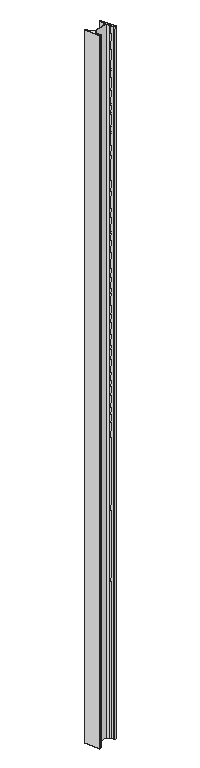
Revit family "VFC - Vigas com flange cônica - Coluna", category Pilares estruturais, Revit 2019
Family settings
  Forma do corte = Não definido
  Material para o comportamento do modelo = Aço
  Exportar sempre como geometria = Não
  Redução da viga na planta = Da caixa de vinculação
  Corte com vazios quando carregada = Não
  Representação simbólica = Das configurações de projeto
  Compartilhado = Não
  Exibir o pré-corte da família na vista da planta = Sim
Parameters (values of type "I 80x8.5")
  tw = 4.32 mm
  tf = 6.6 mm
  r2 = 3.3 mm
  r1 = 6.6 mm
  disp2 = 2 * r2 * sin(45.00° - ângulo / 2)  # 4.33 mm
  disp1 = 2 * r1 * sin(45.00° - ângulo / 2)  # 8.66 mm
  d = 76.2 mm
  bf = 59.2 mm
  b1 = (bf - tw) / 4  # 13.72 mm
  ângulo = 8.00°
  W = 0.0085
  Structural Material [instance] = Metal - Aço - 250 MPa
  A = 0.00108 m²
Reference planes
  plane 1 "Centro (Frente/Trás)": y = 0
  plane 2: z = 0
  plane 3 "Centro (Esquerda/Direita)": x = 0
  plane 4 "Esquerda": x = -29.6
  plane 5 "Direita": x = 29.6
  plane 6 "Parte posterior": y = 38.1
  plane 7 "Parte frontal": y = -38.1
  plane 8: x = -2.16
  plane 9: x = 2.16
  plane 10: y = -31.5
  plane 11: y = 31.5
  plane 12: x = -15.88
  plane 13: x = 15.88
Forms (mm)
  Extrusion 1, solid, material "Metal - Aço - 250 MPa" <- "Structural Material", detail levels medium
    sketch origin (0, 0, 0) x (1, 0, 0) y (0, 1, 0)
      loop
        line (-29.6, 38.1) -> (-29.6, 33.428) -> (-15.88, 31.5) -> (-2.16, 29.572) -> (-2.16, -29.572) -> (-15.88, -31.5) -> (-29.6, -33.428) -> (-29.6, -38.1) -> (29.6, -38.1) -> (29.6, -33.428) -> (15.88, -31.5) -> (2.16, -29.572) -> (2.16, 29.572) -> (15.88, 31.5) -> (29.6, 33.428) -> (29.6, 38.1) -> (-29.6, 38.1)
    from 0 to 2500
  Extrusion 2, solid, material "Metal - Aço - 250 MPa" <- "Structural Material", detail levels fine
    sketch origin (0, 0, 0) x (1, 0, 0) y (0, 1, 0)
      loop
        line (29.6, 38.1) -> (-29.6, 38.1) -> (-29.6, 36.297)
        arc (-29.6, 36.297) -> (-28.791, 34.132) -> (-26.759, 33.029) r 3.3
        line (-26.759, 33.029) -> (-15.88, 31.5) -> (-7.841, 30.37)
        arc (-7.841, 30.37) -> (-3.779, 28.164) -> (-2.16, 23.834) r 6.6
        line (-2.16, 23.834) -> (-2.16, -23.834)
        arc (-2.16, -23.834) -> (-3.779, -28.164) -> (-7.841, -30.37) r 6.6
        line (-7.841, -30.37) -> (-15.88, -31.5) -> (-26.759, -33.029)
        arc (-26.759, -33.029) -> (-28.791, -34.132) -> (-29.6, -36.297) r 3.3
        line (-29.6, -36.297) -> (-29.6, -38.1) -> (29.6, -38.1) -> (29.6, -36.297)
        arc (29.6, -36.297) -> (28.791, -34.132) -> (26.759, -33.029) r 3.3
        line (26.759, -33.029) -> (15.88, -31.5) -> (7.841, -30.37)
        arc (7.841, -30.37) -> (3.779, -28.164) -> (2.16, -23.834) r 6.6
        line (2.16, -23.834) -> (2.16, 23.834)
        arc (2.16, 23.834) -> (3.779, 28.164) -> (7.841, 30.37) r 6.6
        line (7.841, 30.37) -> (15.88, 31.5) -> (26.759, 33.029)
        arc (26.759, 33.029) -> (28.791, 34.132) -> (29.6, 36.297) r 3.3
        line (29.6, 36.297) -> (29.6, 38.1)
    from 0 to 2500
Lines and regions (mm)
  symbolic lines, style "Faces ocultas", detail levels medium+fine
    curve 1: line (2.16, 38.1, 0) -> (2.16, 38.1, 2500)
    curve 2: line (-2.16, 38.1, 2500) -> (-2.16, 38.1, 0)
  symbolic lines, style "StructuralColumnStickSymbols", detail levels coarse
    curve 3: line (-29.6, 38.1, 0) -> (29.6, 38.1, 0)
    curve 4: line (0, 38.1, 0) -> (0, -38.1, 0)
    curve 5: line (-29.6, -38.1, 0) -> (29.6, -38.1, 0)
Dimensions and locks
  equal spacing: plane 4 "Esquerda", plane 3 "Centro (Esquerda/Direita)", plane 5 "Direita"
  equal spacing: plane 7 "Parte frontal", plane 1 "Centro (Frente/Trás)", plane 6 "Parte posterior"
  "bf": plane 4 "Esquerda" to plane 5 "Direita"
  "d": plane 7 "Parte frontal" to plane 6 "Parte posterior"
  "tf": plane 6 "Parte posterior" to plane 11
  "tf": plane 10 to plane 7 "Parte frontal"
  equal spacing: plane 8, plane 3 "Centro (Esquerda/Direita)", plane 9
  "tw": plane 8 to plane 9
  "b1": plane 4 "Esquerda" to plane 12
  "b1": plane 13 to plane 5 "Direita"
  "disp1": Extrusion 2 sketch curve to Extrusion 2 sketch curve  (x4)
  "disp2": Extrusion 2 sketch curve to Extrusion 2 sketch curve  (x4)
  "r1": radius of Extrusion 2 sketch curve  (x4)
  "r2": radius of Extrusion 2 sketch curve  (x4)
  "ângulo": angle Extrusion 1 sketch curve to plane 11  (x2)
  "ângulo": angle plane 11 to Extrusion 1 sketch curve  (x2)
  "ângulo": angle Extrusion 1 sketch curve to plane 10  (x2)
  "ângulo": angle plane 10 to Extrusion 1 sketch curve  (x2)
  aligned and locked: level to plane 2
  aligned and locked: level to curve 1
  aligned and locked: level to curve 2
  aligned and locked: plane 2 to curve 1
  aligned and locked: plane 2 to curve 2
  aligned and locked: plane 6 "Parte posterior" to Extrusion 1 sketch curve
  aligned and locked: plane 5 "Direita" to Extrusion 1 sketch curve  (x2)
  aligned and locked: Extrusion 1 sketch curve to plane 7 "Parte frontal"
  aligned and locked: Extrusion 1 sketch curve to plane 4 "Esquerda"  (x2)
  aligned and locked: plane 8 to Extrusion 1 sketch curve
  aligned and locked: plane 9 to Extrusion 1 sketch curve
  aligned and locked: plane 12 to Extrusion 1 sketch curve
  aligned and locked: plane 11 to Extrusion 1 sketch curve  (x2)
  aligned and locked: plane 13 to Extrusion 1 sketch curve
  aligned and locked: level to Extrusion 1
  aligned and locked: Extrusion 1 to level
  aligned and locked: Extrusion 2 sketch curve to Extrusion 1  (x8)
  aligned and locked: Extrusion 1 to Extrusion 2 sketch curve  (x8)
  aligned and locked: level to Extrusion 2
  aligned and locked: Extrusion 2 to level
  aligned and locked: plane 7 "Parte frontal" to Extrusion 2
  aligned and locked: plane 5 "Direita" to curve 5
  aligned and locked: plane 4 "Esquerda" to curve 5
  aligned and locked: plane 7 "Parte frontal" to curve 4
  aligned and locked: curve 4 to plane 3 "Centro (Esquerda/Direita)"
  aligned and locked: Extrusion 2 to plane 6 "Parte posterior"
  aligned and locked: plane 5 "Direita" to curve 3
  aligned and locked: plane 6 "Parte posterior" to curve 4
  aligned and locked: plane 4 "Esquerda" to curve 3
Automatic sketch dimensions
  curve 2 to plane 8 = 0 mm
  plane 9 to curve 1 = 0 mm
  Extrusion 1 sketch curve to plane 10 = 0 mm  (x2)
  Extrusion 1 sketch curve to plane 12 = 0 mm
  Extrusion 1 sketch curve to plane 13 = 0 mm
  Extrusion 2 sketch curve to plane 11 = 0 mm  (x2)
  Extrusion 2 sketch curve to plane 10 = 0 mm  (x2)
  Extrusion 2 sketch curve to Extrusion 2 sketch curve = 0 mm
Types in the file's own list only (24): name | tw | tf | r2 | r1 | disp2 | disp1 | d | bf | b1 | W | A
  I 80x9.7 | 6 mm | 7 mm | 3 mm | 7 mm | 4 mm | 9 mm | 76 mm | 61 mm | 14 mm | 0.0097 | 0.00 m²
  I 80x11.2 | 9 mm | 7 mm | 3 mm | 7 mm | 4 mm | 9 mm | 76 mm | 64 mm | 14 mm | 0.0112 | 0.00 m²
  I 100x11.4 | 5 mm | 7 mm | 4 mm | 7 mm | 5 mm | 10 mm | 102 mm | 68 mm | 16 mm | 0.0114 | 0.00 m²
  I 100x12.7 | 6 mm | 7 mm | 4 mm | 7 mm | 5 mm | 10 mm | 102 mm | 69 mm | 16 mm | 0.0127 | 0.00 m²
  I 100x14.1 | 8 mm | 7 mm | 4 mm | 7 mm | 5 mm | 10 mm | 102 mm | 71 mm | 16 mm | 0.0141 | 0.00 m²
  I 100x15.6 | 10 mm | 7 mm | 4 mm | 7 mm | 5 mm | 10 mm | 102 mm | 73 mm | 16 mm | 0.0156 | 0.00 m²
  I 130x14.8 | 5 mm | 8 mm | 4 mm | 8 mm | 5 mm | 11 mm | 127 mm | 76 mm | 18 mm | 0.0148 | 0.00 m²
  I 130x18.2 | 9 mm | 8 mm | 4 mm | 8 mm | 5 mm | 11 mm | 127 mm | 80 mm | 18 mm | 0.0182 | 0.00 m²
  I 130x22.0 | 13 mm | 8 mm | 4 mm | 8 mm | 5 mm | 11 mm | 127 mm | 83 mm | 18 mm | 0.022 | 0.00 m²
  I 150x18.5 | 6 mm | 9 mm | 5 mm | 9 mm | 6 mm | 12 mm | 152 mm | 85 mm | 20 mm | 0.0185 | 0.00 m²
  I 150x22.0 | 9 mm | 9 mm | 5 mm | 9 mm | 6 mm | 12 mm | 152 mm | 88 mm | 20 mm | 0.022 | 0.00 m²
  I 150x25.7 | 12 mm | 9 mm | 5 mm | 9 mm | 6 mm | 12 mm | 152 mm | 91 mm | 20 mm | 0.0257 | 0.00 m²
  I 200x27.3 | 7 mm | 11 mm | 5 mm | 11 mm | 7 mm | 14 mm | 203 mm | 102 mm | 24 mm | 0.0273 | 0.00 m²
  I 200x30.5 | 9 mm | 11 mm | 5 mm | 11 mm | 7 mm | 14 mm | 203 mm | 104 mm | 24 mm | 0.0305 | 0.00 m²
  I 200x34.3 | 11 mm | 11 mm | 5 mm | 11 mm | 7 mm | 14 mm | 203 mm | 106 mm | 24 mm | 0.0343 | 0.00 m²
  I 200x38.0 | 14 mm | 11 mm | 5 mm | 11 mm | 7 mm | 14 mm | 203 mm | 108 mm | 24 mm | 0.038 | 0.00 m²
  I 250x37.7 | 8 mm | 13 mm | 6 mm | 13 mm | 8 mm | 16 mm | 254 mm | 118 mm | 28 mm | 0.0377 | 0.00 m²
  I 250x44.7 | 11 mm | 13 mm | 6 mm | 13 mm | 8 mm | 16 mm | 254 mm | 122 mm | 28 mm | 0.0447 | 0.01 m²
  I 250x52.1 | 15 mm | 13 mm | 6 mm | 13 mm | 8 mm | 16 mm | 254 mm | 126 mm | 28 mm | 0.0521 | 0.01 m²
  I 250x59.6 | 19 mm | 13 mm | 6 mm | 13 mm | 8 mm | 16 mm | 254 mm | 129 mm | 28 mm | 0.0596 | 0.01 m²
  I 310x60.6 | 12 mm | 17 mm | 8 mm | 17 mm | 11 mm | 22 mm | 305 mm | 133 mm | 30 mm | 0.0606 | 0.01 m²
  I 310x67.0 | 14 mm | 17 mm | 8 mm | 17 mm | 11 mm | 22 mm | 305 mm | 136 mm | 30 mm | 0.067 | 0.01 m²
  I 310x74.4 | 17 mm | 17 mm | 8 mm | 17 mm | 11 mm | 22 mm | 305 mm | 139 mm | 30 mm | 0.0744 | 0.01 m²
  I 310x81.9 | 21 mm | 17 mm | 8 mm | 17 mm | 11 mm | 22 mm | 305 mm | 142 mm | 30 mm | 0.0819 | 0.01 m²
